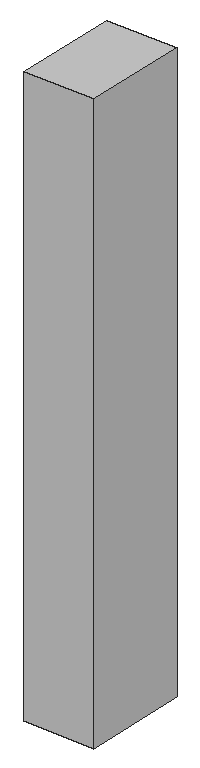
Revit family "M_Concrete-Rectangular-Column", category Structural Columns, Revit 2021
Family settings
  Display in Hidden Views = Edges Hidden by Other Members
  Section Shape = Not Defined
  Material for Model Behavior = Concrete
  Always export as geometry = No
  Beam cutback in plan = From bounding box
  OmniClass Number = 23.25.30.11.14.11
  OmniClass Title = Columns
  Cut with Voids When Loaded = No
  Symbolic Representation = From Family
  Shared = No
  Show family pre-cut in plan views = Yes
Parameters (values of type "300 x 450mm")
  b = 300 mm
  h = 450 mm
  Structural Material [instance] = Concrete, Cast-in-Place gray
Types (7, lengths in mm): name | b | h
  300 x 450mm | 300 | 450
  450 x 600mm | 450 | 600
  600 x 750mm | 600 | 750
  C2 | 1600 | 1600
  C4 | 1500 | 2200
  C3 | 1200 | 2100
  C1 | 1300 | 2000
Reference planes
  plane 1 "Center (Front/Back)": y = 0
  plane 2: z = 0
  plane 3 "Center (Left/Right)": x = 0
  plane 4: x = -150
  plane 5: x = 150
  plane 6: y = 225
  plane 7: y = -225
Forms (mm)
  Extrusion 1, solid, material "Concrete, Cast-in-Place gray" <- "Structural Material"
    sketch origin (0, 0, 0) x (1, 0, 0) y (0, 1, 0)
      loop
        line (-150, 225) -> (-150, -225) -> (150, -225) -> (150, 225) -> (-150, 225)
    from 0 to 2500
Dimensions and locks
  equal spacing: plane 4, plane 3 "Center (Left/Right)", plane 5
  equal spacing: plane 7, plane 1 "Center (Front/Back)", plane 6
  "h": plane 7 to plane 6
  "b": plane 4 to plane 5
  aligned and locked: plane 6 to Extrusion 1 sketch curve
  aligned and locked: Extrusion 1 sketch curve to plane 7
  aligned and locked: Extrusion 1 sketch curve to plane 4
  aligned and locked: plane 5 to Extrusion 1 sketch curve
  aligned and locked: level to Extrusion 1
  aligned and locked: level to plane 2
  aligned and locked: Extrusion 1 to plane 2
